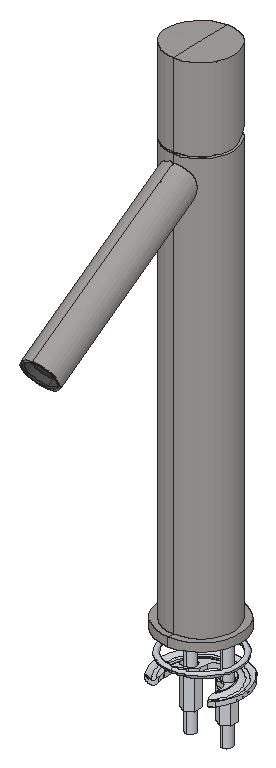
Revit family "Reece_Tap_Milli_Pure_Basin Mixer_Extended", category Plumbing Fixtures, host Face, Revit 2018
Family settings
  Host = Face
  Round Connector Dimension = Use Diameter
  Part Type = Normal
  Cut with Voids When Loaded = No
  Shared = Yes
  Room Calculation Point = Yes
Parameters (values of type "Brushed Gunmetal")
  WFU = 0  # constant formula
  URL = "https://www.reece.com.au/product/-2299020"
  Type Comments = "Tap"
  Reece_Tap_Reach = 118.4 mm  # constant formula
  Reece_Tap_Inlet = 12 mm  # constant formula
  Reece_Tap_Clearance = 185 mm  # constant formula
  Reece_Product_Web Page = "https://www.reece.com.au/product/-2299020"
  Reece_Product_Type = "Tap"  # constant formula
  Reece_Product_Sub Brand = "Pure"  # constant formula
  Reece_Product_Number = "2299020"
  Reece_Product_Mount = "Hob Mounted"
  Reece_Product_Description = "Milli Pure Extended Basin Mixer Tap Brushed Gunmetal (6 Star)"
  Reece_Product_Brand = "Milli"  # constant formula
  Reece_Overall_Length = 147.9 mm  # constant formula
  Reece_Overall_Height = 310 mm  # constant formula
  Reece_Material-Main = Reece_Brass_Brushed Gunmetal
  Reece_Detail_Tap_Handle Texture = ""
  Reece_Detail_Installation = ""
  Reece_Detail_Disclaimer = "THIS FILE IS THE PROPERTY OF THE REECE GROUP. IT MAY NOT BE REPRODUCED, REVERSE-ENGINEERED OR MODIFIED. ANY REPUBLICATION, TRANSMISSION OR DISTRIBUTION FOR THE PURPOSE OF COMMERCIALLY EXPLOITING THE FILES IS PROHIBITED."  # constant formula
  Reece_Detail_Connector = "Basin Mixer"  # constant formula
  Reece_Detail_Additional = "Extended"  # constant formula
  Model = "Pure"
  Manufacturer = "Milli"
  Keynote = "Product #2299020, Reece_Tap_Milli_Pure_Basin Mixer_Extended - Brushed Gunmetal"
  HWFU = 0  # constant formula
  Disclaimer = "THIS FILE IS THE PROPERTY OF THE REECE GROUP. IT MAY NOT BE REPRODUCED, REVERSE-ENGINEERED OR MODIFIED. ANY REPUBLICATION, TRANSMISSION OR DISTRIBUTION FOR THE PURPOSE OF COMMERCIALLY EXPLOITING THE FILES IS PROHIBITED."  # constant formula
  Description = "Milli Pure Extended Basin Mixer Tap Brushed Gunmetal (6 Star)"
  Default Elevation = 1000 mm
  CWFU = 0  # constant formula
Types (6, lengths in mm): name | URL | Reece_Product_Web Page | Reece_Product_Number | Reece_Product_Description | Reece_Material-Main | Keynote | Description
  (no name) | "https://www.reece.com.au/product/-2299017" | "https://www.reece.com.au/product/-2299017" | "2299017" | "Milli Pure Extended Basin Mixer Tap Chrome (6 Star)" | Reece_Brass_Chrome | "Product #2299017, Reece_Tap_Milli_Pure_Basin Mixer_Extended -  " | "Milli Pure Extended Basin Mixer Tap Chrome (6 Star)"
  Brushed Gunmetal | "https://www.reece.com.au/product/-2299020" | "https://www.reece.com.au/product/-2299020" | "2299020" | "Milli Pure Extended Basin Mixer Tap Brushed Gunmetal (6 Star)" | Reece_Brass_Brushed Gunmetal | "Product #2299020, Reece_Tap_Milli_Pure_Basin Mixer_Extended - Brushed Gunmetal" | "Milli Pure Extended Basin Mixer Tap Brushed Gunmetal (6 Star)"
  Chrome | "https://www.reece.com.au/product/-2299017" | "https://www.reece.com.au/product/-2299017" | "2299017" | "Milli Pure Extended Basin Mixer Tap Chrome (6 Star)" | Reece_Brass_Chrome | "Product #2299017, Reece_Tap_Milli_Pure_Basin Mixer_Extended - Chrome" | "Milli Pure Extended Basin Mixer Tap Chrome (6 Star)"
  Matte Black | "https://www.reece.com.au/product/-2299018" | "https://www.reece.com.au/product/-2299018" | "2299018" | "Milli Pure Extended Basin Mixer Tap Matte Black (6 Star)" | Reece_Brass_Matte Black | "Product #2299018, Reece_Tap_Milli_Pure_Basin Mixer_Extended - Matte Black" | "Milli Pure Extended Basin Mixer Tap Matte Black (6 Star)"
  PVD Brushed Bronze | "https://www.reece.com.au/product/-9511150" | "https://www.reece.com.au/product/-9511150" | "9511150" | "Milli Pure Extended Basin Mixer Tap PVD Brushed Bronze (6 Star)" | Reece_PVD_Brushed Bronze | "Product #9511150, Reece_Tap_Milli_Pure_Basin Mixer_Extended - PVD Brushed Bronze" | "Milli Pure Extended Basin Mixer Tap PVD Brushed Bronze (6 Star)"
  PVD Brushed Gold | "https://www.reece.com.au/product/-9510965" | "https://www.reece.com.au/product/-9510965" | "9510965" | "Milli Pure Extended Basin Mixer Tap PVD Brushed Gold (6 Star)" | Reece_PVD_Brushed Gold | "Product #9510965, Reece_Tap_Milli_Pure_Basin Mixer_Extended - PVD Brushed Gold" | "Milli Pure Extended Basin Mixer Tap PVD Brushed Gold (6 Star)"
Reference planes
  plane 1 "Center (Front/Back)": y = 0
  plane 2 "Bottom": z = 0
  plane 3 "Center (Left/Right)": x = 0
  plane 4 "Top": z = 310
  plane 5: y = -118.4
  plane 6: z = 185
  plane 7: through (0, -118.423, 185) normal (0, 0.5, -0.866)
  plane 8: y = 23.999
Forms (mm)
  Revolve 1, solid, material "Reece_Brass_Brushed Gunmetal" <- "Reece_Material-Main"
    sketch origin (0, 0, 0) x (0, 1, 0) y (0, 0, 1)
      loop
        line (20, 5) -> (20, 258.992) -> (17.999, 258.992)
        arc (17.999, 258.992) -> (11.253, 268.706) -> (0, 272.346) r 18.496
        line (0, 272.346) -> (0, 0) -> (23.999, 0) -> (23.999, 5) -> (20, 5)
      axis (0, 272.346) -> (0, 0)
    angle from 0 to 360
  Extrusion 2, void
    sketch origin (0, 0, 120) x (0, 1, 0) y (0, 0, 1)
      loop
        line (-8.89, 136.876) -> (-3.947, 126.383)
        arc (-3.947, 126.383) -> (16.525, 135.603) -> (36.813, 145.223) r 1144.649
        line (36.813, 145.223) -> (31.828, 155.805)
        arc (31.828, 155.805) -> (11.564, 146.135) -> (-8.89, 136.876) r 1114.668
    from -30 to 30
  Revolve 3, solid, material "Reece_Brass_Brushed Gunmetal" <- "Reece_Material-Main"
    sketch origin (0, 0, 120) x (0, 1, 0) y (0, 0, 1)
      loop
        line (20, 140.292) -> (20, 189.782)
        arc (20, 189.782) -> (10.001, 189.946) -> (0, 190) r 905.551
        line (0, 190) -> (0, 188)
        arc (0, 188) -> (9, 187.956) -> (18, 187.823) r 903.551
        line (18, 187.823) -> (18, 140.333)
        arc (18, 140.333) -> (19, 140.313) -> (20, 140.292) r 905.551
      axis (0, 190) -> (0, 140.292)
    angle from 0 to 360
  Revolve 4, solid, material "Reece_Brass_Brushed Gunmetal" <- "Reece_Material-Main"
    sketch origin (0, -0.025, 12) x (0, 1, 0) y (0, 0, 1)
      loop
        line (-16.84, 244.336) -> (-123.875, 182.526) -> (-123.375, 181.66) -> (-115.496, 186.209) -> (-110.496, 177.549) -> (-109.518, 178.113) -> (-113.018, 184.176) -> (-14.84, 240.872) -> (-16.84, 244.336)
      axis (-118.375, 173) -> (-11.334, 234.8)
    angle from 0 to 360
  Extrusion 5, void
    sketch origin (0, 2, 0) x (1, 0, 0) y (0, 1, 0)
      loop
        circle (-7, -9.5) r 6.7
      loop
        circle (-10.749, 4.019) r 3.519
      loop
        circle (10.75, 4) r 3.5
      loop
        circle (7, -9.5) r 6.7
    from 0 to 4
  Extrusion 6, solid
    sketch origin (0, 2, 0) x (0, 1, 0) y (1, 0, 0)
      loop
        circle (4, 10.75) r 3
      loop
        circle (4, -10.75) r 3
    from 0 to 61.5
  Revolve 7, solid
    sketch origin (0, 0, -7) x (0, 1, 0) y (0, 0, 1)
      loop
        arc (18.75, -21.5) -> (21.75, -23) -> (24.75, -21.5) r 3.75
        line (24.75, -21.5) -> (25.75, -21.5) -> (25.75, -19)
        arc (25.75, -19) -> (24.212, -19.499) -> (22.941, -20.498) r 4.61
        arc (22.941, -20.498) -> (21.841, -21) -> (20.728, -20.527) r 1.5
        arc (20.728, -20.527) -> (19.122, -19.398) -> (17.2, -19) r 4.84
        line (17.2, -19) -> (17.2, -21.5) -> (18.75, -21.5)
      axis (0, -19) -> (0, -21.5)
    angle from 0 to 360
  Extrusion 8, solid
    sketch origin (0, 0, -30) x (1, 0, 0) y (0, 1, 0)
      loop
        arc (-9.053, 2.711) -> (-6.961, 7.197) -> (-11.447, 9.289) r 3.5
        line (-11.447, 9.289) -> (-13.326, 8.605)
        arc (-13.326, 8.605) -> (-15.418, 4.119) -> (-10.932, 2.027) r 3.5
        line (-10.932, 2.027) -> (-9.053, 2.711)
      loop
        arc (-5.01, 5.791) -> (-6.06, 3.288) -> (-8.263, 1.702) r 5
        line (-8.263, 1.702) -> (-13.684, -0.271)
        arc (-13.684, -0.271) -> (-14.638, -1.003) -> (-15, -2.15) r 2
        line (-15, -2.15) -> (-15, -8.417)
        arc (-15, -8.417) -> (0, 17.2) -> (15, -8.417) r 17.2
        line (15, -8.417) -> (15, -2.15)
        arc (15, -2.15) -> (14.638, -1.003) -> (13.684, -0.271) r 2
        line (13.684, -0.271) -> (8.263, 1.702)
        arc (8.263, 1.702) -> (6.06, 3.288) -> (5.01, 5.791) r 5
        line (5.01, 5.791) -> (4.466, 10.221)
        arc (4.466, 10.221) -> (0, 14.173) -> (-4.466, 10.221) r 4.5
        line (-4.466, 10.221) -> (-5.01, 5.791)
      loop
        arc (11.447, 9.289) -> (6.961, 7.197) -> (9.053, 2.711) r 3.5
        line (9.053, 2.711) -> (10.932, 2.027)
        arc (10.932, 2.027) -> (15.418, 4.119) -> (13.326, 8.605) r 3.5
        line (13.326, 8.605) -> (11.447, 9.289)
    from 1.5 to 4
  Extrusion 9, solid
    sketch origin (0, 0, -7) x (1, 0, 0) y (0, 1, 0)
      loop
        circle (10.75, 6) r 3
      loop
        line (10.75, 11.196) -> (6.25, 8.598) -> (6.25, 3.402) -> (10.75, 0.804) -> (15.25, 3.402) -> (15.25, 8.598) -> (10.75, 11.196)
      loop
        circle (-10.75, 6) r 3
      loop
        line (-10.75, 11.196) -> (-15.25, 8.598) -> (-15.25, 3.402) -> (-10.75, 0.804) -> (-6.25, 3.402) -> (-6.25, 8.598) -> (-10.75, 11.196)
    from -41.5 to -23
  Revolve 10, solid
    sketch origin (0, 0, 0) x (0, 1, 0) y (0, 0, 1)
      loop
        circle (22.2, -14) r 1.3
      axis (1, -14) -> (1, -13)
    angle from 0 to 360
  Extrusion 11, void
    sketch origin (0, 0, -23) x (1, 0, 0) y (0, 1, 0)
      loop
        line (27.556, -34.599) -> (27.556, -14.961) -> (20.958, -14.961)
        arc (20.958, -14.961) -> (17.049, -15.272) -> (15, -11.93) r 3.75
        line (15, -11.93) -> (15, -8.417) -> (-15, -8.417) -> (-15, -11.93)
        arc (-15, -11.93) -> (-17.049, -15.272) -> (-20.958, -14.961) r 3.75
        line (-20.958, -14.961) -> (-27.556, -14.961) -> (-27.556, -34.599) -> (27.556, -34.599)
    from -13.943 to 5
  Extrusion 12, void
    sketch origin (0, 0, 0) x (1, 0, 0) y (0, 1, 0)
      loop
        circle (0, 0) r 20
    from 0 to -50
  Revolve 13, solid, material "Reece_Brass_Matte Black"
    sketch origin (0, -67.271, 63.809) x (0, 0.905985, -0.42331) y (0, 0.42331, 0.905985)
      loop
        line (-89.462, 83.505) -> (-89.55, 82.509) -> (-85.465, 88.331) -> (-93.533, 93.992) -> (-94.807, 92.176) -> (-87.149, 86.803) -> (-89.462, 83.505)
      axis (-97.624, 88.153) -> (-93.539, 93.996)
    angle from 0 to 360
Cuts and joins
  Extrusion 2 cuts Revolve 3
  Extrusion 5 cuts Revolve 1
  Extrusion 5 cuts Revolve 4
  joined: Revolve 1, Revolve 4
  Extrusion 5 cuts Extrusion 6
  Extrusion 11 cuts Revolve 7
Text (mm)
  text "Reece Copyright © 2018, Reece Ltd." at (-1403.988, -1192.393, 0), in view "Ref. Level"
  text "Reece ©" at (44.384, 258.95, 192.345), in view "Reece Preview"
Dimensions and locks
  "Reece_Overall_Height": plane 4 "Top" to plane 2 "Bottom"
  "Reece_Tap_Clearance": plane 6 to plane 2 "Bottom"
  "Reece_Tap_Reach": plane 1 "Center (Front/Back)" to plane 5
  "Reece_Overall_Length": plane 8 to cut or joined group of Revolve 1, Revolve 4, Extrusion 5
  angle plane 1 "Center (Front/Back)" to plane 7 = 60.00°
  aligned and locked: plane 2 "Bottom" to host face
  aligned and locked: level to host face
Automatic sketch dimensions
  host sketch curve to host sketch curve = 380.785 mm
  host sketch curve to host sketch curve = 317.421 mm
  Revolve 1 sketch curve to plane 1 "Center (Front/Back)" = 0 mm  (x2)
  level to Revolve 1 sketch curve = 0 mm
  Revolve 1 sketch curve to plane 1 "Center (Front/Back)" = 0.232 mm
  Revolve 1 sketch curve to plane 1 "Center (Front/Back)" = 17.999 mm
  Revolve 1 sketch curve to Revolve 1 sketch curve = 2.001 mm
  Revolve 1 sketch curve to Revolve 1 sketch curve = 3.999 mm
  Revolve 1 sketch curve to Revolve 1 sketch curve = 5 mm
  Revolve 1 sketch curve to plane 4 "Top" = 56.148 mm
  Revolve 1 sketch curve to Revolve 1 sketch curve = 5.14 mm
  Revolve 1 sketch curve to level = 153.173 mm
  plane 4 "Top" to Revolve 1 sketch curve = 26.433 mm
  plane 5 to Extrusion 2 sketch curve = 345.339 mm
  Extrusion 2 sketch curve to Extrusion 2 sketch curve = 5.416 mm
  plane 1 "Center (Front/Back)" to Extrusion 2 sketch curve = 8.89 mm
  plane 1 "Center (Front/Back)" to Extrusion 2 sketch curve = 3.947 mm
  Extrusion 2 sketch curve to plane 1 "Center (Front/Back)" = 31.828 mm
  Extrusion 2 sketch curve to Extrusion 2 sketch curve = 4.985 mm
  plane 6 to Extrusion 2 sketch curve = 61.383 mm
  Extrusion 2 sketch curve to Extrusion 2 sketch curve = 10.493 mm
  Extrusion 2 sketch curve to Extrusion 2 sketch curve = 18.84 mm
  Extrusion 2 sketch curve to Extrusion 2 sketch curve = 10.582 mm
  Revolve 3 sketch curve to Revolve 3 sketch curve = 0 mm  (x2)
  Revolve 3 sketch curve to plane 1 "Center (Front/Back)" = 0 mm  (x2)
  Revolve 3 sketch curve to plane 4 "Top" = 0 mm
  Revolve 3 sketch curve to plane 1 "Center (Front/Back)" = 0.11 mm  (x2)
  Revolve 3 sketch curve to plane 1 "Center (Front/Back)" = 18 mm
  Revolve 3 sketch curve to plane 4 "Top" = 0.218 mm
  Revolve 3 sketch curve to Revolve 3 sketch curve = 2 mm
  Revolve 3 sketch curve to Revolve 3 sketch curve = 49.49 mm  (x2)
  Revolve 3 sketch curve to plane 4 "Top" = 2.177 mm
  Revolve 3 sketch curve to Revolve 3 sketch curve = 19.577 mm
  Revolve 3 sketch curve to Revolve 3 sketch curve = 10 mm
  Extrusion 5 sketch curve to plane 3 "Center (Left/Right)" = 10.749 mm
  Extrusion 5 sketch curve to plane 3 "Center (Left/Right)" = 7 mm
  plane 3 "Center (Left/Right)" to Extrusion 5 sketch curve = 7 mm
  plane 3 "Center (Left/Right)" to Extrusion 5 sketch curve = 10.75 mm
  plane 1 "Center (Front/Back)" to Extrusion 5 sketch curve = 7.5 mm  (x2)
  Extrusion 5 sketch curve to plane 1 "Center (Front/Back)" = 6 mm
  Extrusion 5 sketch curve to plane 1 "Center (Front/Back)" = 6.019 mm
  Extrusion 6 sketch curve to plane 1 "Center (Front/Back)" = 6 mm  (x2)
  plane 3 "Center (Left/Right)" to Extrusion 6 sketch curve = 10.75 mm
  Extrusion 6 sketch curve to plane 3 "Center (Left/Right)" = 10.75 mm
  Revolve 7 sketch curve to plane 1 "Center (Front/Back)" = 0 mm
  Revolve 7 sketch curve to plane 1 "Center (Front/Back)" = 17.2 mm
  Revolve 7 sketch curve to Revolve 7 sketch curve = 1.55 mm
  Revolve 7 sketch curve to Revolve 7 sketch curve = 3 mm
  Revolve 7 sketch curve to Revolve 7 sketch curve = 0.072 mm
  Revolve 7 sketch curve to Revolve 7 sketch curve = 2.928 mm
  Revolve 7 sketch curve to Revolve 7 sketch curve = 1 mm
  Revolve 7 sketch curve to Revolve 7 sketch curve = 0.632 mm
  Revolve 7 sketch curve to level = 30.84 mm
  Revolve 7 sketch curve to Revolve 7 sketch curve = 0.274 mm
  Revolve 7 sketch curve to Revolve 7 sketch curve = 2.34 mm
  Revolve 7 sketch curve to Revolve 7 sketch curve = 2 mm
  Revolve 7 sketch curve to Revolve 7 sketch curve = 0.25 mm
  Revolve 7 sketch curve to Revolve 7 sketch curve = 2.5 mm  (x2)
  Revolve 7 sketch curve to Revolve 7 sketch curve = 0 mm
  Revolve 7 sketch curve to Revolve 7 sketch curve = 316.97 mm
  plane 4 "Top" to Revolve 7 sketch curve = 526.832 mm
  plane 1 "Center (Front/Back)" to Extrusion 8 sketch curve = 0 mm
  Extrusion 8 sketch curve to plane 3 "Center (Left/Right)" = 0 mm  (x2)
  Extrusion 8 sketch curve to plane 3 "Center (Left/Right)" = 4.466 mm
  Extrusion 8 sketch curve to Extrusion 8 sketch curve = 0.544 mm  (x2)
  Extrusion 8 sketch curve to plane 1 "Center (Front/Back)" = 1.702 mm  (x2)
  Extrusion 8 sketch curve to Extrusion 8 sketch curve = 3.253 mm  (x2)
  Extrusion 8 sketch curve to plane 1 "Center (Front/Back)" = 2.711 mm
  Extrusion 8 sketch curve to Extrusion 8 sketch curve = 0.79 mm  (x2)
  Extrusion 8 sketch curve to Extrusion 8 sketch curve = 0.92 mm  (x2)
  Extrusion 8 sketch curve to Extrusion 8 sketch curve = 0.277 mm  (x2)
  Extrusion 8 sketch curve to plane 1 "Center (Front/Back)" = 2.027 mm  (x2)
  Extrusion 8 sketch curve to Extrusion 8 sketch curve = 1.879 mm  (x6)
  Extrusion 8 sketch curve to Extrusion 8 sketch curve = 1.474 mm  (x2)
  Extrusion 8 sketch curve to Extrusion 8 sketch curve = 2.068 mm  (x2)
  Extrusion 8 sketch curve to plane 1 "Center (Front/Back)" = 8.605 mm
  plane 1 "Center (Front/Back)" to Extrusion 8 sketch curve = 0.271 mm  (x2)
  Extrusion 8 sketch curve to Extrusion 8 sketch curve = 0.684 mm  (x2)
  Extrusion 8 sketch curve to Extrusion 8 sketch curve = 2 mm
  plane 3 "Center (Left/Right)" to Extrusion 8 sketch curve = 4.466 mm
  plane 1 "Center (Front/Back)" to Extrusion 8 sketch curve = 2.15 mm
  Extrusion 8 sketch curve to Extrusion 8 sketch curve = 6.266 mm
  Extrusion 8 sketch curve to Extrusion 8 sketch curve = 1.009 mm
  Extrusion 8 sketch curve to Extrusion 8 sketch curve = 3.289 mm
  Extrusion 8 sketch curve to Extrusion 8 sketch curve = 3.08 mm  (x2)
  Extrusion 8 sketch curve to Extrusion 8 sketch curve = 0.401 mm  (x2)
  Extrusion 8 sketch curve to Extrusion 8 sketch curve = 3.882 mm
  Extrusion 8 sketch curve to Extrusion 8 sketch curve = 4.43 mm
  Extrusion 9 sketch curve to plane 3 "Center (Left/Right)" = 15.25 mm
  Extrusion 9 sketch curve to plane 1 "Center (Front/Back)" = 0.804 mm  (x2)
  Extrusion 9 sketch curve to Extrusion 9 sketch curve = 4.5 mm  (x6)
  Extrusion 9 sketch curve to Extrusion 9 sketch curve = 0 mm  (x2)
  plane 3 "Center (Left/Right)" to Extrusion 9 sketch curve = 6.25 mm
  Extrusion 9 sketch curve to plane 1 "Center (Front/Back)" = 3.402 mm  (x4)
  Extrusion 9 sketch curve to Extrusion 9 sketch curve = 5.196 mm  (x7)
  Extrusion 9 sketch curve to Extrusion 9 sketch curve = 2.598 mm
  Revolve 10 sketch curve to plane 1 "Center (Front/Back)" = 22.2 mm
  Revolve 10 sketch curve to level = 14 mm  (x2)
  Revolve 10 sketch curve to plane 1 "Center (Front/Back)" = 1 mm
  Revolve 10 sketch curve to Revolve 10 sketch curve = 4.102 mm
  Extrusion 11 sketch curve to plane 3 "Center (Left/Right)" = 27.556 mm
  Extrusion 11 sketch curve to Extrusion 11 sketch curve = 6.599 mm  (x2)
  Extrusion 11 sketch curve to Extrusion 11 sketch curve = 2.208 mm  (x2)
  Extrusion 11 sketch curve to Extrusion 11 sketch curve = 3.75 mm  (x2)
  plane 3 "Center (Left/Right)" to Extrusion 11 sketch curve = 15 mm
  plane 1 "Center (Front/Back)" to Extrusion 11 sketch curve = 34.599 mm
  plane 1 "Center (Front/Back)" to Extrusion 11 sketch curve = 14.961 mm  (x2)
  Extrusion 11 sketch curve to Extrusion 11 sketch curve = 3.514 mm
  Extrusion 12 sketch curve to Extrusion 12 sketch curve = 0 mm  (x2)
  Extrusion 12 sketch curve to plane 3 "Center (Left/Right)" = 0 mm
  plane 1 "Center (Front/Back)" to Extrusion 12 sketch curve = 0 mm
  plane 1 "Center (Front/Back)" to Extrusion 12 sketch curve = 20 mm
  plane 5 to Revolve 4 sketch curve = 5.5 mm
  Revolve 4 sketch curve to Revolve 4 sketch curve = 0.5 mm
  Revolve 4 sketch curve to plane 5 = 2.879 mm
  Revolve 4 sketch curve to Revolve 4 sketch curve = 2.477 mm
  Revolve 4 sketch curve to Revolve 4 sketch curve = 2.523 mm
  Revolve 4 sketch curve to Revolve 4 sketch curve = 0.977 mm
  plane 1 "Center (Front/Back)" to Revolve 4 sketch curve = 16.865 mm
  Revolve 4 sketch curve to Revolve 4 sketch curve = 2 mm
  plane 6 to Revolve 4 sketch curve = 4.549 mm
  Revolve 4 sketch curve to Revolve 4 sketch curve = 0.564 mm
  plane 6 to Revolve 4 sketch curve = 8.66 mm
  Revolve 4 sketch curve to Revolve 4 sketch curve = 0.866 mm
  Revolve 4 sketch curve to Revolve 4 sketch curve = 6.062 mm
  Revolve 4 sketch curve to Revolve 4 sketch curve = 2.034 mm
  Revolve 4 sketch curve to plane 4 "Top" = 57.128 mm
  Revolve 4 sketch curve to Revolve 4 sketch curve = 3.464 mm
  Revolve 4 sketch curve to Revolve 4 sketch curve = 1.631 mm
  Revolve 4 sketch curve to Revolve 4 sketch curve = 43.301 mm
  Revolve 4 sketch curve to Revolve 4 sketch curve = 0.942 mm
  plane 6 to Revolve 4 sketch curve = 31.055 mm
  Revolve 13 sketch curve to plane 5 = 4.255 mm
  level to Revolve 13 sketch curve = 187.452 mm
  Revolve 13 sketch curve to Revolve 13 sketch curve = 1.274 mm
  Revolve 13 sketch curve to Revolve 13 sketch curve = 5.257 mm
  Revolve 13 sketch curve to Revolve 13 sketch curve = 0.087 mm
  Revolve 13 sketch curve to Revolve 13 sketch curve = 2.314 mm
  Revolve 13 sketch curve to Revolve 13 sketch curve = 1.684 mm
  Revolve 13 sketch curve to Revolve 13 sketch curve = 3.845 mm
  Revolve 13 sketch curve to Revolve 13 sketch curve = 2.811 mm
  Revolve 13 sketch curve to Revolve 13 sketch curve = 9.225 mm
  Revolve 13 sketch curve to Revolve 13 sketch curve = 4.014 mm
  Revolve 13 sketch curve to Revolve 13 sketch curve = 13.209 mm
  radius of Extrusion 5 sketch curve = 6.7 mm  (x2)
  radius of Extrusion 5 sketch curve = 3.519 mm
  radius of Extrusion 5 sketch curve = 3.5 mm
  radius of Extrusion 6 sketch curve = 3 mm  (x2)
  radius of Extrusion 9 sketch curve = 3 mm  (x2)
  radius of Revolve 10 sketch curve = 1.3 mm
Connectors
  piping at (-7, -7.5, 4), diameter 12, driven by "Reece_Tap_Inlet"
    settings: on cut or joined group of Revolve 1, Revolve 4, Extrusion 5, index 1, connector inside diameter 609.6 mm, connector length 0 mm, flow factor 0, pipe flow 0.0 L/s, pressure drop 0.0 Pa, fitting loss kfactor 0, connector angle 0.00°, fixture units 0, engagement length 0 mm, angle of deflection 0.00°, flow configuration 0, flow direction 1, fitting loss method 0, system type 29, joint type 0, gender type 0, connector reference index -1, connector utility 0, adjustable connector no, is connector primary yes, connector description ""
  piping at (7, -7.5, 4), diameter 12, driven by "Reece_Tap_Inlet"
    settings: on cut or joined group of Revolve 1, Revolve 4, Extrusion 5, index 2, connector inside diameter 609.6 mm, connector length 0 mm, flow factor 0, pipe flow 0.0 L/s, pressure drop 0.0 Pa, fitting loss kfactor 0, connector angle 0.00°, fixture units 0, engagement length 0 mm, angle of deflection 0.00°, flow configuration 0, flow direction 1, fitting loss method 0, system type 29, joint type 0, gender type 0, connector reference index -1, connector utility 0, adjustable connector no, is connector primary no, connector description ""
